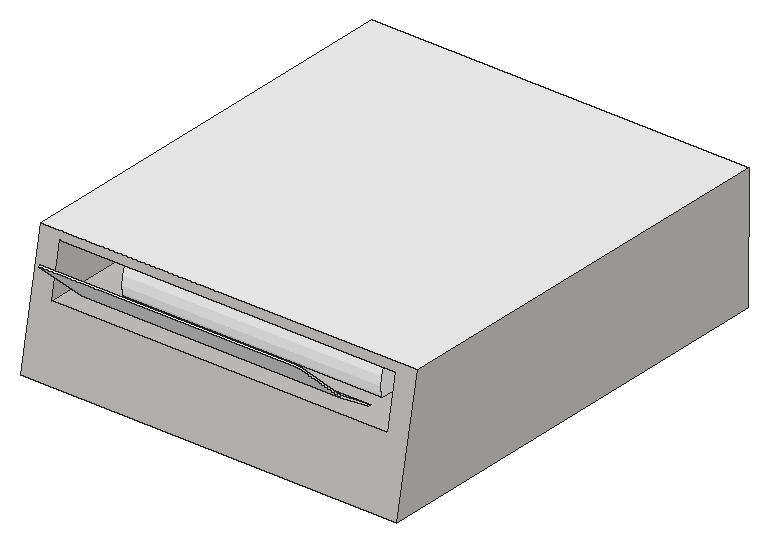
Revit family "Paper_Towel_Dispenser-Bobrick-Fino-B-9262", category Specialty Equipment, host Face, Revit 2018
Family settings
  Host = Face
  Round Connector Dimension = Use Diameter
  Part Type = Normal
  OmniClass Number = 23.40.20.21.14
  OmniClass Title = Hand and Hair Dryers
  Cut with Voids When Loaded = No
  Shared = Yes
  Room Calculation Point = No
Parameters (values of type "B-9262")
  Width = 3 15/16"
  URL = "https://www.bobrick.com/"
  Type Comments = ""
  Price = "Prices may vary. Please consult Manufacturer Representative for most up-to-date price list."  # constant formula
  Mounting Height From Floor = 30"
  Model = "B-9262"
  Material = "Stainless_Steel-Bobrick-Type_304-Satin_Finish"
  Manufacturer = "Bobrick"
  Length = 11 11/16"
  Installation Type = "Wall Mounted"
  Height = 13 5/8"
  Finish = Stainless_Steel-Bobrick-Type_304-Satin_Finish
  Description = "Fino Collection Surface Mounted Paper Towel Dispenser"
  Default Elevation = 0"
  Creation Date = "05/19/2021"  # constant formula
  Assembly Code = "C1030200"
  ADA Compliant = yes
Reference planes (in)
  plane 1 "Center (Front/Back)": y = 0
  plane 2: z = 0
  plane 3 "Center (Left/Right)": x = 0
  plane 4: z = 3.9375
  plane 5: z = -0.25
  plane 6: x = -5.84375
  plane 7: x = 5.84375
  plane 8: y = 30
  plane 9: y = 16.375
  plane 10: y = 27.0625
  plane 11: y = 19.3125
  plane 12: x = -4.03125
  plane 13: x = 4
  plane 14: z = 0.05859
  plane 15: y = 13.91838
Forms (in)
  Extrusion 1, solid, material "Stainless_Steel-Bobrick-Type_304-Satin_Finish" <- "Finish"
    sketch origin (0, 0, 0) x (1, 0, 0) y (0, 1, 0)
      loop
        circle (-4.03125, 27.0625) r 0.1575
      loop
        circle (4, 27.0625) r 0.15625
      loop
        circle (-4.03125, 19.3125) r 0.15625
      loop
        circle (4, 19.3125) r 0.15625
    from 0 to 0.05859
  Extrusion 2, solid, material "Stainless_Steel-Bobrick-Type_304-Satin_Finish" <- "Finish"
    sketch origin (-10.28321, 44.71854, 0) x (0, -1, 0) y (0, 0, -1)
      loop
        line (14.71854, -0.05859) -> (14.71854, -3.9375) -> (27.53104, -3.9375) -> (28.34354, -0.05859) -> (14.71854, -0.05859)
    from 4.43946 to 16.12696
  Extrusion 3, void
    sketch origin (23.96867, 11.9375, 0.25) x (1, 0, 0) y (0, 0, -1)
      loop
        line (-18.75456, -3.4375) -> (-18.75456, -1.89081) -> (-29.18279, -1.89081) -> (-29.18279, -3.4375) -> (-18.75456, -3.4375)
    from 1.98088 to 15.125
  Extrusion 4, solid, material "Paper-Bobrick-White"
    sketch origin (5.84375, 44.71854, 0.4375) x (0, -1, 0) y (0, 0, -1)
      loop
        arc (26.34905, -1.17754) -> (24.42242, -2.7694) -> (26.42772, -1.27786) r 1.25
        arc (26.42772, -1.27786) -> (28.24795, -2.48207) -> (29.84142, -3.97345) r 13.01825
        line (29.84142, -3.97345) -> (29.87737, -3.9375)
        arc (29.87737, -3.9375) -> (28.23234, -2.40522) -> (26.34905, -1.17754) r 13.06904
    from -9.875 to -1.84375
Cuts and joins
  Extrusion 3 cuts Extrusion 2
Lines and regions (in)
  Masking region 1
    outline origin (23.96867, 11.9375, 0) x (1, 0, 0) y (0, 0, -1)
      loop
        line (-29.81242, -3.9375) -> (-27.99992, -3.9375) -> (-27.99992, -4.41095) -> (-19.96867, -4.41095) -> (-19.96867, -3.9375) -> (-18.12492, -3.9375) -> (-18.12492, -0.05859) -> (-19.81242, -0.05859) -> (-19.81242, 0) -> (-20.12492, 0) -> (-20.12492, -0.05859) -> (-27.84242, -0.05859) -> (-27.84242, 0) -> (-28.15742, 0) -> (-28.15742, -0.05859) -> (-29.81242, -0.05859) -> (-29.81242, -3.9375)
  Split face 1
    outline origin (5.84375, 30, 3.9375) x (-1, 0, 0) y (0, -1, 0)
      loop
        line (5.96875, 8.27292) -> (5.96875, 11.45432)
        arc (5.96875, 11.45432) -> (5.84375, 11.57932) -> (5.71875, 11.45432) r 0.125
        line (5.71875, 11.45432) -> (5.71875, 8.27292)
        arc (5.71875, 8.27292) -> (5.84375, 8.14792) -> (5.96875, 8.27292) r 0.125
  Split face 2
    outline origin (5.84375, 30, 3.9375) x (0, -1, 0) y (0, 0, -1)
      loop
        arc (8.27344, 2.06445) -> (8.14844, 1.93945) -> (8.27344, 1.81445) r 0.125
        line (8.27344, 1.81445) -> (11.45127, 1.81445)
        arc (11.45127, 1.81445) -> (11.57627, 1.93945) -> (11.45127, 2.06445) r 0.125
        line (11.45127, 2.06445) -> (8.27344, 2.06445)
  symbolic lines, detail levels medium+fine
    curve 1: line (-5.84375, 11.9375, 3.9375) -> (5.84375, 11.9375, 3.9375)
    curve 2: line (5.84375, 11.9375, 0.05859) -> (-5.84375, 11.9375, 0.05859)
Dimensions and locks (in)
  host face to plane 4 = 3 15/16"
  "Height": plane 8 to plane 9
  "Length": plane 6 to plane 7
  equal spacing: plane 6, plane 3 "Center (Left/Right)", plane 7
  plane 11 to plane 10 = 7 3/4"
  "Mounting Height From Floor": plane 8 to plane 1 "Center (Front/Back)"
  plane 12 to plane 13 = 8 1/32"
  "Width": plane 4 to host face
  plane 8 to plane 10 = 2 15/16"
  plane 6 to plane 12 = 1 13/16"
  aligned and locked: plane 2 to host face
  aligned and locked: level to host face
  aligned and locked: plane 10 to Extrusion 1 sketch curve  (x2)
  aligned and locked: plane 12 to Extrusion 1 sketch curve  (x2)
  aligned and locked: plane 11 to Extrusion 1 sketch curve  (x2)
  aligned and locked: plane 13 to Extrusion 1 sketch curve  (x2)
  aligned and locked: Extrusion 1 to host face
  aligned and locked: plane 8 to Extrusion 2 sketch curve
  aligned and locked: plane 4 to Extrusion 2 sketch curve
  aligned and locked: plane 14 to Extrusion 2 sketch curve
  aligned and locked: plane 7 to Extrusion 2
  aligned and locked: Extrusion 2 to plane 6
  aligned and locked: plane 10 to Extrusion 3
  aligned and locked: Extrusion 4 to plane 12
  aligned and locked: plane 13 to Extrusion 4
  aligned and locked: Extrusion 3 to plane 15
  aligned and locked: Masking region 1 sketch curve to Extrusion 4  (x2)
  aligned and locked: Extrusion 4 to Masking region 1 sketch curve
  aligned and locked: curve 1 to cut or joined group of Extrusion 2, Extrusion 3
  aligned and locked: curve 2 to cut or joined group of Extrusion 2, Extrusion 3
Automatic sketch dimensions
  host sketch curve to host sketch curve = 96"  (x2)
  Extrusion 2 sketch curve to Extrusion 2 sketch curve = 12 13/16"
  Extrusion 2 sketch curve to Extrusion 2 sketch curve = 13/16"
  plane 6 to Extrusion 3 sketch curve = 0.62964"
  Extrusion 3 sketch curve to plane 7 = 0.62964"
  Extrusion 3 sketch curve to plane 4 = 1/4"
  Extrusion 3 sketch curve to Extrusion 3 sketch curve = 1.54669"
  Extrusion 4 sketch curve to Extrusion 4 sketch curve = 0"  (x2)
  Extrusion 2 to Extrusion 4 sketch curve = 7/16"
  Extrusion 4 sketch curve to Extrusion 2 = 5.46166"
  Extrusion 4 sketch curve to Extrusion 2 = 1.50195"
  Extrusion 4 sketch curve to Extrusion 2 = 10 11/16"
  Extrusion 2 to Extrusion 4 sketch curve = 9.19904"
  Extrusion 4 sketch curve to Extrusion 4 sketch curve = 0.94301"
  Extrusion 4 sketch curve to Extrusion 4 sketch curve = 0.07867"
  Extrusion 2 to Extrusion 4 sketch curve = 0.47345"
  Extrusion 4 sketch curve to Extrusion 4 sketch curve = 3.4137"
  Split face 1 sketch curve to cut or joined group of Extrusion 2, Extrusion 3 = 5 23/32"
  Split face 1 sketch curve to Split face 1 sketch curve = 1/8"
  Split face 1 sketch curve to cut or joined group of Extrusion 2, Extrusion 3 = 4.53958"
  Split face 1 sketch curve to cut or joined group of Extrusion 2, Extrusion 3 = 1.35818"
  Split face 2 sketch curve to cut or joined group of Extrusion 2, Extrusion 3 = 1.81445"
  Split face 2 sketch curve to cut or joined group of Extrusion 2, Extrusion 3 = 8 35/128"
  Split face 2 sketch curve to Split face 2 sketch curve = 1/8"
  Split face 2 sketch curve to Split face 2 sketch curve = 3.17784"
  curve 1 to plane 6 = 0"
  curve 1 to plane 7 = 0"
  Masking region 1 sketch curve to plane 6 = 0"
  Masking region 1 sketch curve to plane 14 = 0"  (x3)
  Masking region 1 sketch curve to level = 0"  (x2)
  Masking region 1 sketch curve to plane 4 = 0"  (x2)
  Masking region 1 sketch curve to plane 7 = 0"
  plane 12 to Masking region 1 sketch curve = 0.1575"
  Masking region 1 sketch curve to plane 13 = 5/32"
  plane 13 to Masking region 1 sketch curve = 5/32"
  Masking region 1 sketch curve to plane 12 = 0.1575"
  curve 2 to plane 6 = 0"
  curve 2 to plane 7 = 0"
  radius of Extrusion 1 sketch curve = 0.1575"
  radius of Extrusion 1 sketch curve = 5/32"  (x3)
